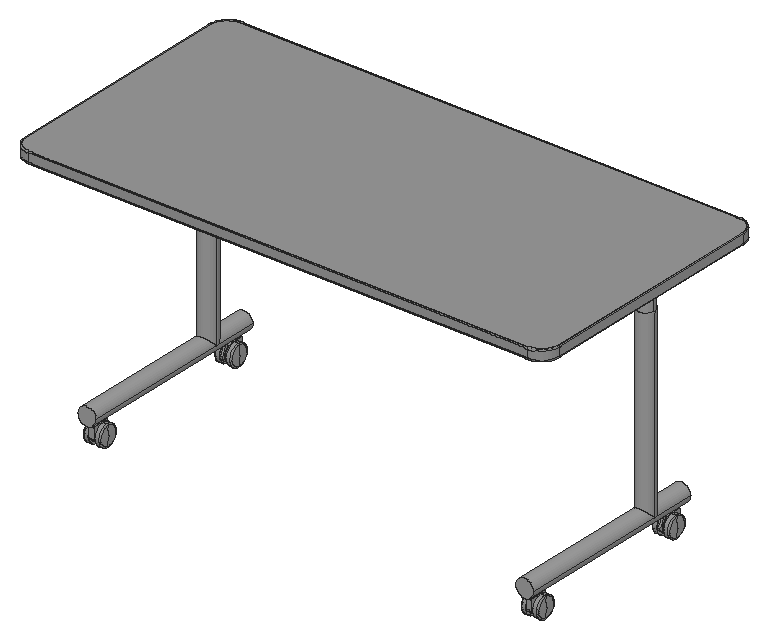
Revit family "Trios C Leg 6030 - Adjustable", category Generic Models, Revit 2018
Family settings
  Can host rebar = No
  Round Connector Dimension = Use Diameter
  Part Type = Normal
  Work Plane-Based = No
  Always vertical = Yes
  Cut with Voids When Loaded = No
  Shared = No
  Room Calculation Point = No
Parameters
  Table Height = 2' - 5 1/2"
  Surface = Trio C-Adj Leg 6030 Surface
  Leg Finish = Trio Leg Platinum
  Grommets = Trios 6030 Tabletop : Trios 6030 Tabletop
  Edgeband = Trio C-Adj Leg 6030 Edgeband
  Caster/Glider = Trios C Leg Adjustable - Casters : Trios C Leg Adjustable - Casters
Reference planes (in)
  plane 1 "Center (Front/Back)": y = 0
  plane 2: z = 0
  plane 3 "Center (Left/Right)": x = 0
  plane 4: z = 29.5
Dimensions and locks (in)
  "Table Height": plane 4 to level
  aligned and locked: plane 2 to level
  aligned and locked: nested 3 to plane 4
Nested families (in)
  nested 1: "Trios C Leg Adjustable - Casters" at (-24.58071, 0, 0), type <- "Caster/Glider", type "Trios C Leg Adjustable - Casters"
    with Leg Height 2' - 5 1/2"
  nested 2: "Trios C Leg Adjustable - Casters" at (24.58071, 0, 0) x (-1, 0, 0) z (0, 0, 1), type <- "Caster/Glider", type "Trios C Leg Adjustable - Casters"
    with Leg Height 2' - 5 1/2"
  nested 3: "Trios 6030 Tabletop" at (0, 0, 1.73202), type <- "Grommets", type "Trios 6030 Tabletop"
Definition of nested family "Trios C Leg Adjustable - Casters"
  Parameters (values of type "Trios C Leg Adjustable - Casters")
    Leg Height = 2' - 0.86283"
    Leg Finish = none
  Reference planes (in)
    plane 1 "Center (Front/Back)": y = 0
    plane 2: z = 0
    plane 3 "Center (Left/Right)": x = 0
  Forms (in)
    Revolve 1, solid
      sketch origin (24.58071, -9.2026, 0) x (1, 0, 0) y (0, 0, 1)
        loop
          line (-24.97071, 0.96467) -> (-24.19071, 0.96467) -> (-24.19071, 0) -> (-23.75169, 0)
          arc (-23.75169, 0) -> (-23.6768, 0.03102) -> (-23.64578, 0.10591) r 0.10591
          arc (-23.64578, 0.10591) -> (-23.60985, 0.63116) -> (-23.59787, 1.1575) r 11.56601
          line (-23.59787, 1.1575) -> (-25.56355, 1.1575)
          arc (-25.56355, 1.1575) -> (-25.55156, 0.63116) -> (-25.51564, 0.10591) r 11.56601
          arc (-25.51564, 0.10591) -> (-25.48462, 0.03102) -> (-25.40973, 0) r 0.10591
          line (-25.40973, 0) -> (-24.97071, 0) -> (-24.97071, 0.96467)
        axis (-23.59787, 1.1575) -> (-25.56355, 1.1575)
      angle from 0 to 360
    Extrusion 2, solid
      sketch origin (24.58071, -2.50544, 0) x (0, 1, 0) y (0, 0, 1)
        loop
          line (-7.72966, 0.8701) -> (-5.67751, 0.8701)
          arc (-5.67751, 0.8701) -> (-5.59637, 0.90001) -> (-5.55407, 0.97544) r 0.125
          arc (-5.55407, 0.97544) -> (-5.81666, 1.90885) -> (-6.69716, 2.315) r 1.1575
          line (-6.69716, 2.315) -> (-7.72966, 2.315)
          arc (-7.72966, 2.315) -> (-7.81805, 2.27839) -> (-7.85466, 2.19) r 0.125
          line (-7.85466, 2.19) -> (-7.85466, 0.9951)
          arc (-7.85466, 0.9951) -> (-7.81805, 0.90671) -> (-7.72966, 0.8701) r 0.125
      from -24.89567 to -24.26575
    Revolve 3, solid
      sketch origin (24.58071, -9.99, 0) x (1, 0, 0) y (0, 0, 1)
        loop
          line (-24.58071, 2.74648) -> (-24.58071, 2.315) -> (-24.39321, 2.315) -> (-24.39321, 2.402) -> (-24.26248, 2.402) -> (-24.26248, 2.55948) -> (-24.39321, 2.55948) -> (-24.39321, 2.74648) -> (-24.58071, 2.74648)
        axis (-24.58071, 2.315) -> (-24.58071, 2.74648)
      angle from 0 to 360
    Extrusion 4, solid
      sketch origin (24.58071, -2.50544, 0) x (0, 1, 0) y (0, 0, 1)
        loop
          arc (-5.36095, 1.27372) -> (-5.63909, 1.69661) -> (-5.81774, 2.1702) r 2.29458
          arc (-5.81774, 2.1702) -> (-5.87342, 2.23656) -> (-5.96002, 2.23454) r 0.1
          line (-5.96002, 2.23454) -> (-6.11283, 2.15668)
          arc (-6.11283, 2.15668) -> (-5.66582, 1.68299) -> (-5.54534, 1.04293) r 1.1575
          line (-5.54534, 1.04293) -> (-5.39253, 1.12079)
          arc (-5.39253, 1.12079) -> (-5.34, 1.18966) -> (-5.36095, 1.27372) r 0.1
      from -24.70571 to -24.45571
    Revolve 5, solid
      sketch origin (24.58071, 9.2026, 0) x (1, 0, 0) y (0, 0, -1)
        loop
          line (-24.97071, -0.96467) -> (-24.97071, 0) -> (-25.40973, 0)
          arc (-25.40973, 0) -> (-25.48462, -0.03102) -> (-25.51564, -0.10591) r 0.10591
          arc (-25.51564, -0.10591) -> (-25.55156, -0.63116) -> (-25.56355, -1.1575) r 11.56601
          line (-25.56355, -1.1575) -> (-23.59787, -1.1575)
          arc (-23.59787, -1.1575) -> (-23.60985, -0.63116) -> (-23.64578, -0.10591) r 11.56601
          arc (-23.64578, -0.10591) -> (-23.6768, -0.03102) -> (-23.75169, 0) r 0.10591
          line (-23.75169, 0) -> (-24.19071, 0) -> (-24.19071, -0.96467) -> (-24.97071, -0.96467)
        axis (-23.59787, -1.1575) -> (-25.56355, -1.1575)
      angle from 0 to 360
    Extrusion 6, solid
      sketch origin (24.58071, 2.50544, 0) x (0, -1, 0) y (0, 0, -1)
        loop
          arc (-7.72966, -0.8701) -> (-7.81805, -0.90671) -> (-7.85466, -0.9951) r 0.125
          line (-7.85466, -0.9951) -> (-7.85466, -2.19)
          arc (-7.85466, -2.19) -> (-7.81805, -2.27839) -> (-7.72966, -2.315) r 0.125
          line (-7.72966, -2.315) -> (-6.69716, -2.315)
          arc (-6.69716, -2.315) -> (-5.81666, -1.90885) -> (-5.55407, -0.97544) r 1.1575
          arc (-5.55407, -0.97544) -> (-5.59637, -0.90001) -> (-5.67751, -0.8701) r 0.125
          line (-5.67751, -0.8701) -> (-7.72966, -0.8701)
      from -24.89567 to -24.26575
    Revolve 7, solid
      sketch origin (24.58071, 9.99, 0) x (1, 0, 0) y (0, 0, -1)
        loop
          line (-24.58071, -2.74648) -> (-24.39321, -2.74648) -> (-24.39321, -2.55948) -> (-24.26248, -2.55948) -> (-24.26248, -2.402) -> (-24.39321, -2.402) -> (-24.39321, -2.315) -> (-24.58071, -2.315) -> (-24.58071, -2.74648)
        axis (-24.58071, -2.315) -> (-24.58071, -2.74648)
      angle from 0 to 360
    Extrusion 8, solid
      sketch origin (24.58071, 2.50544, 0) x (0, -1, 0) y (0, 0, -1)
        loop
          arc (-5.36095, -1.27372) -> (-5.34, -1.18966) -> (-5.39253, -1.12079) r 0.1
          line (-5.39253, -1.12079) -> (-5.54534, -1.04293)
          arc (-5.54534, -1.04293) -> (-5.66582, -1.68299) -> (-6.11283, -2.15668) r 1.1575
          line (-6.11283, -2.15668) -> (-5.96002, -2.23454)
          arc (-5.96002, -2.23454) -> (-5.87342, -2.23656) -> (-5.81774, -2.1702) r 0.1
          arc (-5.81774, -2.1702) -> (-5.63909, -1.69661) -> (-5.36095, -1.27372) r 2.29458
      from -24.70571 to -24.45571
    Extrusion 9, solid, material <- "Leg Finish"
      sketch origin (0, 6, 0) x (1, 0, 0) y (0, 1, 0)
        loop
          circle (0, 0) r 1
      from 3.56048 to 24.30283
    Extrusion 10, solid, material <- "Leg Finish"
      sketch origin (0, 0, 0) x (1, 0, 0) y (0, 0, 1)
        loop
          circle (0, 3.56048) r 1
      from -11 to 11
  Dimensions and locks (in)
    "Leg Height": nested 1 to level
    aligned and locked: plane 2 to level
  Automatic sketch dimensions
    Revolve 1 sketch curve to level = 0' - 0"  (x2)
    level to Revolve 1 sketch curve = 0' - 1.1575"
    Revolve 1 sketch curve to plane 3 "Center (Left/Right)" = 0' - 10.58317"
    Revolve 1 sketch curve to plane 3 "Center (Left/Right)" = 0' - 0.98284"
    level to Revolve 1 sketch curve = 0' - 0.10591"  (x2)
    Revolve 1 sketch curve to plane 3 "Center (Left/Right)" = 0' - 0.82902"
    Revolve 1 sketch curve to plane 3 "Center (Left/Right)" = 0' - 0.39"
    plane 3 "Center (Left/Right)" to Revolve 1 sketch curve = 0' - 0.39"
    Revolve 1 sketch curve to Revolve 1 sketch curve = 0' - 0.43902"
    Revolve 1 sketch curve to Revolve 1 sketch curve = 0' - 0.19283"
    Revolve 1 sketch curve to Revolve 1 sketch curve = 0' - 1.15716"
    Revolve 1 sketch curve to Revolve 1 sketch curve = 0' - 0.87716"
    Revolve 1 sketch curve to Revolve 1 sketch curve = 0' - 0"
    level to Extrusion 2 sketch curve = 0' - 0.9951"
    plane 1 "Center (Front/Back)" to Extrusion 2 sketch curve = 0' - 10.3601"
    Extrusion 2 sketch curve to Extrusion 2 sketch curve = 0' - 0 1/8"  (x3)
    Extrusion 2 sketch curve to Extrusion 2 sketch curve = 0' - 1.0325"
    Extrusion 2 sketch curve to Extrusion 2 sketch curve = 0' - 1.01965"
    Extrusion 2 sketch curve to Extrusion 2 sketch curve = 0' - 0.1624"
    Extrusion 2 sketch curve to Extrusion 2 sketch curve = 0' - 1.1949"
    Revolve 3 sketch curve to plane 3 "Center (Left/Right)" = 0' - 0"  (x2)
    plane 3 "Center (Left/Right)" to Revolve 3 sketch curve = 0' - 0 3/16"
    Revolve 3 sketch curve to Revolve 3 sketch curve = 0' - 0 3/16"
    Revolve 3 sketch curve to Revolve 3 sketch curve = 0' - 0.13072"
    level to Revolve 3 sketch curve = 0' - 2.315"
    Revolve 3 sketch curve to Revolve 3 sketch curve = 0' - 0.087"
    Revolve 3 sketch curve to Revolve 3 sketch curve = 0' - 0.15748"
    Revolve 3 sketch curve to Revolve 3 sketch curve = 0' - 0.187"
    Revolve 3 sketch curve to Revolve 3 sketch curve = 0' - 0"
    Revolve 3 sketch curve to Revolve 3 sketch curve = 0' - 0.49875"
    level to Extrusion 4 sketch curve = 0' - 1.1575"
    plane 1 "Center (Front/Back)" to Extrusion 4 sketch curve = 0' - 9.2026"
    level to Extrusion 4 sketch curve = 0' - 2.15668"
    Extrusion 4 sketch curve to Extrusion 4 sketch curve = 0' - 0.58433"
    level to Extrusion 4 sketch curve = 0' - 2.23454"
    Extrusion 4 sketch curve to Extrusion 4 sketch curve = 0' - 0.15281"
    Extrusion 4 sketch curve to Extrusion 4 sketch curve = 0' - 0.0454"  (x2)
    level to Extrusion 4 sketch curve = 0' - 1.04293"
    Extrusion 4 sketch curve to Extrusion 4 sketch curve = 0' - 0.10741"
    level to Extrusion 4 sketch curve = 0' - 1.12079"
    Extrusion 4 sketch curve to Extrusion 4 sketch curve = 0' - 1.84333"
    Extrusion 4 sketch curve to Extrusion 4 sketch curve = 0' - 0.0891"  (x2)
    Extrusion 4 sketch curve to Extrusion 4 sketch curve = 0' - 1.52844"
    Extrusion 4 sketch curve to Extrusion 4 sketch curve = 0' - 0"
    Revolve 5 sketch curve to level = 0' - 0"  (x2)
    level to Revolve 5 sketch curve = 0' - 1.1575"
    Revolve 5 sketch curve to plane 3 "Center (Left/Right)" = 0' - 10.58317"
    Revolve 5 sketch curve to plane 3 "Center (Left/Right)" = 0' - 0.98284"
    level to Revolve 5 sketch curve = 0' - 0.10591"  (x2)
    Revolve 5 sketch curve to plane 3 "Center (Left/Right)" = 0' - 0.82902"
    Revolve 5 sketch curve to plane 3 "Center (Left/Right)" = 0' - 0.39"
    plane 3 "Center (Left/Right)" to Revolve 5 sketch curve = 0' - 0.39"
    Revolve 5 sketch curve to Revolve 5 sketch curve = 0' - 0.43902"
    Revolve 5 sketch curve to Revolve 5 sketch curve = 0' - 0.19283"
    Revolve 5 sketch curve to Revolve 5 sketch curve = 0' - 1.15716"
    Revolve 5 sketch curve to Revolve 5 sketch curve = 0' - 0.87716"
    Revolve 5 sketch curve to Revolve 5 sketch curve = 0' - 0"
    Extrusion 6 sketch curve to level = 0' - 0.9951"
    plane 1 "Center (Front/Back)" to Extrusion 6 sketch curve = 0' - 10.3601"
    Extrusion 6 sketch curve to Extrusion 6 sketch curve = 0' - 0 1/8"  (x3)
    Extrusion 6 sketch curve to Extrusion 6 sketch curve = 0' - 1.0325"
    Extrusion 6 sketch curve to Extrusion 6 sketch curve = 0' - 1.01965"
    Extrusion 6 sketch curve to Extrusion 6 sketch curve = 0' - 0.1624"
    Extrusion 6 sketch curve to Extrusion 6 sketch curve = 0' - 1.1949"
    Revolve 7 sketch curve to plane 3 "Center (Left/Right)" = 0' - 0"  (x2)
    plane 3 "Center (Left/Right)" to Revolve 7 sketch curve = 0' - 0 3/16"
    Revolve 7 sketch curve to Revolve 7 sketch curve = 0' - 0 3/16"
    Revolve 7 sketch curve to Revolve 7 sketch curve = 0' - 0.13072"
    level to Revolve 7 sketch curve = 0' - 2.74648"
    Revolve 7 sketch curve to Revolve 7 sketch curve = 0' - 0.187"
    Revolve 7 sketch curve to Revolve 7 sketch curve = 0' - 0.15748"
    Revolve 7 sketch curve to Revolve 7 sketch curve = 0' - 0.087"
    Revolve 7 sketch curve to Revolve 7 sketch curve = 0' - 0.49875"
    Revolve 7 sketch curve to Revolve 7 sketch curve = 0' - 0"
    Extrusion 8 sketch curve to level = 0' - 1.1575"
    plane 1 "Center (Front/Back)" to Extrusion 8 sketch curve = 0' - 9.2026"
    Extrusion 8 sketch curve to level = 0' - 2.15668"
    Extrusion 8 sketch curve to Extrusion 8 sketch curve = 0' - 0.58433"
    Extrusion 8 sketch curve to level = 0' - 2.23454"
    Extrusion 8 sketch curve to Extrusion 8 sketch curve = 0' - 0.15281"
    Extrusion 8 sketch curve to Extrusion 8 sketch curve = 0' - 0.0454"  (x2)
    Extrusion 8 sketch curve to level = 0' - 1.04293"
    Extrusion 8 sketch curve to Extrusion 8 sketch curve = 0' - 0.10741"
    Extrusion 8 sketch curve to level = 0' - 1.12079"
    Extrusion 8 sketch curve to Extrusion 8 sketch curve = 0' - 1.84333"
    Extrusion 8 sketch curve to Extrusion 8 sketch curve = 0' - 0.0891"  (x2)
    Extrusion 8 sketch curve to Extrusion 8 sketch curve = 0' - 1.52844"
    Extrusion 8 sketch curve to Extrusion 8 sketch curve = 0' - 0"
    Extrusion 9 sketch curve to Extrusion 9 sketch curve = 0' - 0"  (x2)
    Extrusion 9 sketch curve to plane 3 "Center (Left/Right)" = 0' - 0"
    Extrusion 9 sketch curve to plane 1 "Center (Front/Back)" = 0' - 6"
    Extrusion 9 sketch curve to Extrusion 9 sketch curve = 0' - 1"
    Extrusion 10 sketch curve to Extrusion 10 sketch curve = 0' - 0"  (x2)
    Extrusion 10 sketch curve to plane 3 "Center (Left/Right)" = 0' - 0"
    level to Extrusion 10 sketch curve = 0' - 3.56048"
    Extrusion 10 sketch curve to Extrusion 10 sketch curve = 0' - 1"
  Nested families (in)
    nested 1: "Trios Adjustable Top" at (0, 6, 0), type "Trios Adjustable Top"
  Definition of nested family "Trios Adjustable Top"
    Parameters (values of type "Trios Adjustable Top")
      Leg Finish = none
    Reference planes (in)
      plane 1 "Center (Front/Back)": y = 0
      plane 2: z = 0
      plane 3 "Center (Left/Right)": x = 0
    Forms (in)
      Extrusion 1, solid, material <- "Leg Finish"
        sketch origin (0, 0, 0) x (1, 0, 0) y (0, 1, 0)
          loop
            circle (0, 0) r 0.87661
        from 7.06283 to 24.68283
      Extrusion 2, solid, material <- "Leg Finish"
        sketch origin (0, 0, 0) x (1, 0, 0) y (0, 1, 0)
          loop
            line (-2.9995, 3.9995) -> (-2.9995, -3.9995) -> (3, -3.9995) -> (3, 3.9995) -> (-2.9995, 3.9995)
        from 24.68283 to 24.86283
    Dimensions and locks (in)
      aligned and locked: plane 2 to level
Definition of nested family "Trios 6030 Tabletop"
  Parameters (values of type "Trios 6030 Tabletop")
    Surface = none
    Edgeband = none
  Reference planes (in)
    plane 1 "Center (Front/Back)": y = 0
    plane 2: z = 0
    plane 3 "Center (Left/Right)": x = 0
  Forms (in)
    Extrusion 1, solid, material <- "Surface"
      sketch origin (0, 0, 0) x (1, 0, 0) y (0, 1, 0)
        loop
          line (28, 14.79342) -> (-28, 14.79342)
          arc (-28, 14.79342) -> (-29.3307, 14.24223) -> (-29.88189, 12.91153) r 1.88189
          line (-29.88189, 12.91153) -> (-29.88189, -12.91153)
          arc (-29.88189, -12.91153) -> (-29.3307, -14.24223) -> (-28, -14.79342) r 1.88189
          line (-28, -14.79342) -> (28, -14.79342)
          arc (28, -14.79342) -> (29.3307, -14.24223) -> (29.88189, -12.91153) r 1.88189
          line (29.88189, -12.91153) -> (29.88189, 12.91153)
          arc (29.88189, 12.91153) -> (29.3307, 14.24223) -> (28, 14.79342) r 1.88189
      from 27.76798 to 28.96798
    Sweep 2, solid, material <- "Edgeband"
      path origin (0, 0, 0) x (1, 0, 0) y (0, 1, 0)
        loop
          line (28, 14.79342) -> (-28, 14.79342)
          arc (-28, 14.79342) -> (-29.3307, 14.24223) -> (-29.88189, 12.91153) r 1.88189
          line (-29.88189, 12.91153) -> (-29.88189, -12.91153)
          arc (-29.88189, -12.91153) -> (-29.3307, -14.24223) -> (-28, -14.79342) r 1.88189
          line (-28, -14.79342) -> (28, -14.79342)
          arc (28, -14.79342) -> (29.3307, -14.24223) -> (29.88189, -12.91153) r 1.88189
          line (29.88189, -12.91153) -> (29.88189, 12.91153)
          arc (29.88189, 12.91153) -> (29.3307, 14.24223) -> (28, 14.79342) r 1.88189
      profile origin (0, 14.79342, 0) x (0, -1, 0) y (0, 0, 1)
        loop
          arc (0, 28.96798) -> (-0.08352, 28.93339) -> (-0.11811, 28.84987) r 0.11811
          line (-0.11811, 28.84987) -> (-0.11811, 27.88609)
          arc (-0.11811, 27.88609) -> (-0.08352, 27.80257) -> (0, 27.76798) r 0.11811
          line (0, 27.76798) -> (0, 28.96798)
  Dimensions and locks (in)
    aligned and locked: plane 2 to level
